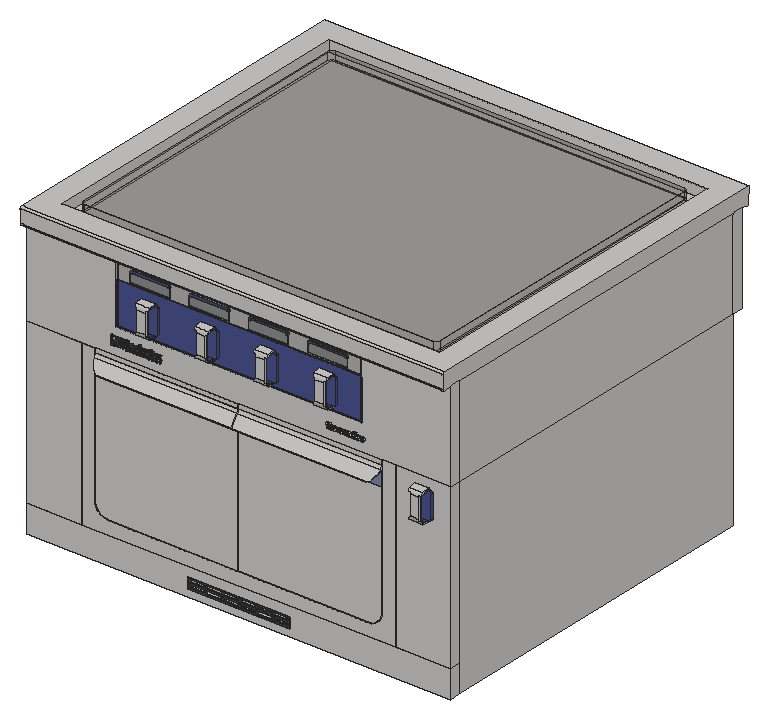
Revit family "QF_ELECTROLUXPROFESSIONAL_589671_MCIQEAJ4AO", category Attrezzature speciali, Revit 2020
Family settings
  Quota connettore circolare = Usa diametro
  Tipo di parte = Normale
  Basato su piano di lavoro = No
  Sempre verticale = Sì
  Taglio con vuoti quando caricato = No
  Condiviso = No
  Punto di calcolo locali = No
Parameters (values of type "Standard")
  Weight = 132.00 kg
  Watts = 22000 W
  Volts = 400 V
  URL Manufacturer = "https://www.electroluxprofessional.com/"
  URL = "https://www.electroluxprofessional.com/"
  Steam Supply Size = 0"
  Steam Supply Minimum Pressure = 0.00 psi
  Steam Supply Maximum Pressure = 0.00 psi
  Steam Consumption per Hour = 0
  Refrigeration Suction Line Size = 0 mm
  Refrigeration Liquid Line Size = 0 mm
  Refrigerant Compressor Remote = yes
  Prospetto di default = 0 mm
  Phase = 3
  Modello = "MCIQEAJ4AO"
  Produttore = "Electrolux Professional"
  Length Actual = 1000 mm  # constant formula
  Item Number = "589671"
  Hot Water Size = 0"
  Height Actual = 700 mm  # constant formula
  HP = "29.5 HP"
  Gas Size = 0"
  Gas KW = 0
  Gas Input Pressure = 0.0 Btu/h
  Direct Waste Size = 0"
  Descrizione = "INDUCTION,4Z,WARM CAB,1S,1000X900X700H"
  Depth Actual = 900 mm  # constant formula
  Cycle = 50 Hz
  Condensate Return Size = 0"
  Compressed Air Volume = 0 GPM
  Compressed Air Size = 0"
  Compressed Air Pressure = 0.00 psi
  Cold Water Size = 0"
  Accessory = yes
Reference planes
  plane 1 "BACK": y = 0
  plane 2: z = 0
  plane 3 "LEFT": x = -100
  plane 4 "RIGHT": x = 900
  plane 5 "FRONT": y = -900
  plane 6 "TOP": z = 900
  plane 7 "Center (Left/Right)": x = 400
  plane 8: y = -450
  plane 9: z = 200
  plane 10: y = -150
  plane 11 "Panel": y = -855
  plane 12: z = 798
  plane 13: z = 1327
  plane 14: x = -22
  plane 15: x = 822
  plane 16: y = -150
  plane 17: y = -650
  plane 18 "EIx": x = 855
  plane 19 "EIy": y = -685
  plane 20: y = -880
  plane 21: z = 938
  plane 22: x = 835
Forms (mm)
  Extrusion 1, solid, material "QF_Finishes_Stainless Steel"
    sketch origin (-178.969, -4572, 200) x (-1, 0, 0) y (0, -1, 0)
      loop
        line (-78.969, -4527) -> (-78.969, -3717) -> (-1078.969, -3717) -> (-1078.969, -4527) -> (-78.969, -4527)
    from 450 to 663
  Extrusion 2, solid, material "QF_Finishes_Stainless Steel"
    sketch origin (-100, 0, 0) x (0, 1, 0) y (0, 0, 1)
      loop
        line (-855, 200) -> (-855, 265) -> (-880, 265) -> (-880, 200) -> (-855, 200)
    from 0 to 1000
  Extrusion 3, solid, material "QF_Finishes_Stainless Steel"
    sketch origin (-488.969, -4662, 200) x (-1, 0, 0) y (0, -1, 0)
      loop
        circle (-1343.969, -3977) r 6.35
    from 0 to -11.851
  Extrusion 4, solid, material "QF_Finishes_Stainless Steel"
    sketch origin (400, 296.4, 1219.2) x (0, 1, 0) y (0, 0, 1)
      loop
        line (-296.4, -319.2) -> (-1191.4, -319.2)
        arc (-1191.4, -319.2) -> (-1194.935, -320.664) -> (-1196.4, -324.2) r 5
        line (-1196.4, -324.2) -> (-1196.4, -355.2)
        arc (-1196.4, -355.2) -> (-1194.971, -358.264) -> (-1191.705, -359.139) r 4
        line (-1191.705, -359.139) -> (-1176.4, -356.231) -> (-316.4, -356.231) -> (-301.094, -359.139)
        arc (-301.094, -359.139) -> (-297.829, -358.264) -> (-296.4, -355.2) r 4
        line (-296.4, -355.2) -> (-296.4, -319.2)
    from -500 to 500
  Extrusion 5, solid, material "QF_Finishes_Electrolux_Black Smoke Iluminated"
    sketch origin (0, 0, 900) x (-1, 0, 0) y (0, -1, 0)
      loop
        arc (12, 79) -> (19.071, 81.929) -> (22, 89) r 10
        line (22, 89) -> (22, 810)
        arc (22, 810) -> (19.071, 817.071) -> (12, 820) r 10
        line (12, 820) -> (-812, 820)
        arc (-812, 820) -> (-819.071, 817.071) -> (-822, 810) r 10
        line (-822, 810) -> (-822, 89)
        arc (-822, 89) -> (-819.071, 81.929) -> (-812, 79) r 10
        line (-812, 79) -> (12, 79)
    from 0 to -20
  Extrusion 6, solid, material "QF_Finishes_Stainless Steel"
    sketch origin (-178.969, -4572, 200) x (-1, 0, 0) y (0, -1, 0)
      loop
        line (-78.969, -4527) -> (-78.969, -3717) -> (-1078.969, -3717) -> (-1078.969, -4527) -> (-78.969, -4527)
    from 450 to 0
  Extrusion 7, void
    sketch origin (0, -855, 0) x (-1, 0, 0) y (0, 0, 1)
      loop
        line (-520, 216.594) -> (-280, 216.594) -> (-280, 241.594) -> (-520, 241.594) -> (-520, 216.594)
    from 0 to -25
  Extrusion 8, solid, material "QF_Finishes_Black"
    sketch origin (0, -855, 0) x (-1, 0, 0) y (0, 0, 1)
      loop
        line (-280, 241.594) -> (-520, 241.594) -> (-520, 216.594) -> (-280, 216.594) -> (-280, 241.594)
      loop
        line (-282, 239.594) -> (-319.131, 239.594) -> (-319.131, 230.094) -> (-282, 230.094) -> (-282, 239.594)
      loop
        line (-282, 218.594) -> (-282, 228.094) -> (-319.131, 228.094) -> (-319.131, 218.594) -> (-282, 218.594)
      loop
        line (-321.131, 239.594) -> (-359.066, 239.594) -> (-359.066, 230.094) -> (-321.131, 230.094) -> (-321.131, 239.594)
      loop
        line (-399, 239.594) -> (-399, 230.094) -> (-361.066, 230.094) -> (-361.066, 239.594) -> (-399, 239.594)
      loop
        line (-401, 239.594) -> (-438.934, 239.594) -> (-438.934, 230.094) -> (-401, 230.094) -> (-401, 239.594)
      loop
        line (-359.066, 218.594) -> (-321.131, 218.594) -> (-321.131, 228.094) -> (-359.066, 228.094) -> (-359.066, 218.594)
      loop
        line (-361.066, 218.594) -> (-361.066, 228.094) -> (-399, 228.094) -> (-399, 218.594) -> (-361.066, 218.594)
      loop
        line (-401, 228.094) -> (-438.934, 228.094) -> (-438.934, 218.594) -> (-401, 218.594) -> (-401, 228.094)
      loop
        line (-518, 239.594) -> (-518, 230.094) -> (-480.869, 230.094) -> (-480.869, 239.594) -> (-518, 239.594)
      loop
        line (-518, 218.594) -> (-480.869, 218.594) -> (-480.869, 228.094) -> (-518, 228.094) -> (-518, 218.594)
      loop
        line (-478.869, 239.594) -> (-478.869, 230.094) -> (-440.934, 230.094) -> (-440.934, 239.594) -> (-478.869, 239.594)
      loop
        line (-440.934, 218.594) -> (-440.934, 228.094) -> (-478.869, 228.094) -> (-478.869, 218.594) -> (-440.934, 218.594)
    from -20 to -25
  Extrusion 9, void
    sketch origin (0, 0, 900) x (-1, 0, 0) y (0, -1, 0)
      loop
        line (47, 845) -> (-847, 845) -> (-847, 54) -> (47, 54) -> (47, 845)
    from 0 to -25
  Extrusion 10, solid, material "QF_Finishes_Stainless Steel"
    sketch origin (0, 0, 900) x (-1, 0, 0) y (0, -1, 0)
      loop
        line (18, 83) -> (18, 816) -> (-818, 816) -> (-818, 83) -> (18, 83)
    from -20 to -25
  Extrusion 11, solid, material "QF_Finishes_Stainless Steel"
    sketch origin (0, -900, 0) x (1, 0, 0) y (0, 0, 1)
      loop
        line (-100, 650) -> (-100, 265) -> (30, 265) -> (30, 650) -> (-100, 650)
      loop
        line (900, 650) -> (770, 650) -> (770, 265) -> (900, 265) -> (900, 650)
    from -45 to -20
  Extrusion 12, solid, material "QF_Finishes_Stainless Steel"
    sketch origin (0, -900, 0) x (1, 0, 0) y (0, 0, 1)
      loop
        line (30, 265) -> (770, 265) -> (770, 650) -> (740, 650) -> (740, 327)
        arc (740, 327) -> (730.627, 304.373) -> (708, 295) r 32
        line (708, 295) -> (92, 295)
        arc (92, 295) -> (69.373, 304.373) -> (60, 327) r 32
        line (60, 327) -> (60, 650) -> (30, 650) -> (30, 265)
    from -45 to -20
  Extrusion 13, solid, material "QF_Finishes_Stainless Steel"
    sketch origin (400, 296.4, 1219.2) x (0, 1, 0) y (0, 0, 1)
      loop
        line (-341.4, -356.2) -> (-341.4, -569.2) -> (-316.4, -569.2) -> (-316.4, -356.2) -> (-341.4, -356.2)
    from -500 to 500
Cuts and joins
  Extrusion 7 cuts Extrusion 6
  Extrusion 7 cuts Extrusion 2
  Extrusion 9 cuts Extrusion 4
Lines and regions (mm)
  symbolic lines
    curve 1: line (-100, 0, 200) -> (900, 0, 200)
    curve 2: line (-100, -900, 200) -> (-100, 0, 200)
    curve 3: line (900, -900, 200) -> (-100, -900, 200)
    curve 4: line (900, 0, 200) -> (900, -900, 200)
    curve 5: line (812, -79, 200) -> (-12, -79, 200)
    curve 6: line (-22, -89, 200) -> (-22, -810, 200)
    curve 7: line (-12, -820, 200) -> (812, -820, 200)
    curve 8: line (822, -810, 200) -> (822, -89, 200)
    curve 9: arc (-12, -79, 200) -> (-19.071, -81.929, 200) -> (-22, -89, 200) r 10
    curve 10: arc (822, -89, 200) -> (819.071, -81.929, 200) -> (812, -79, 200) r 10
    curve 11: arc (812, -820, 200) -> (819.071, -817.071, 200) -> (822, -810, 200) r 10
    curve 12: arc (-22, -810, 200) -> (-19.071, -817.071, 200) -> (-12, -820, 200) r 10
    curve 13: line (847, -54, 900) -> (-47, -54, 900)
    curve 14: line (-47, -54, 900) -> (-47, -845, 900)
    curve 15: line (847, -845, 900) -> (847, -54, 900)
    curve 16: line (-47, -845, 900) -> (847, -845, 900)
  model lines
    curve 17: line (64.474, -422.012, 900) -> (46.796, -404.335, 900)
    curve 18: line (46.796, -404.335, 900) -> (46.796, -169.335, 900)
    curve 19: line (46.796, -169.335, 900) -> (64.474, -151.657, 900)
    curve 20: line (183.85, -245.603, 900) -> (183.85, -325.603, 900)
    curve 21: line (143.85, -285.603, 900) -> (223.85, -285.603, 900)
    curve 22: line (303.226, -422.012, 900) -> (320.903, -404.335, 900)
    curve 23: line (320.903, -404.335, 900) -> (320.903, -169.335, 900)
    curve 24: line (320.903, -169.335, 900) -> (303.226, -151.657, 900)
    curve 25: line (494.474, -422.012, 900) -> (476.796, -404.335, 900)
    curve 26: line (476.796, -404.335, 900) -> (476.796, -169.335, 900)
    curve 27: line (476.796, -169.335, 900) -> (494.474, -151.657, 900)
    curve 28: line (613.85, -245.603, 900) -> (613.85, -325.603, 900)
    curve 29: line (573.85, -285.603, 900) -> (653.85, -285.603, 900)
    curve 30: line (733.226, -422.012, 900) -> (750.903, -404.335, 900)
    curve 31: line (750.903, -404.335, 900) -> (750.903, -169.335, 900)
    curve 32: line (750.903, -169.335, 900) -> (733.226, -151.657, 900)
    curve 33: line (64.474, -477.988, 900) -> (46.796, -495.665, 900)
    curve 34: line (46.796, -495.665, 900) -> (46.796, -730.665, 900)
    curve 35: line (46.796, -730.665, 900) -> (64.474, -748.343, 900)
    curve 36: line (183.85, -654.397, 900) -> (183.85, -574.397, 900)
    curve 37: line (143.85, -614.397, 900) -> (223.85, -614.397, 900)
    curve 38: line (303.226, -477.988, 900) -> (320.903, -495.665, 900)
    curve 39: line (320.903, -495.665, 900) -> (320.903, -730.665, 900)
    curve 40: line (320.903, -730.665, 900) -> (303.226, -748.343, 900)
    curve 41: line (494.474, -477.988, 900) -> (476.796, -495.665, 900)
    curve 42: line (476.796, -495.665, 900) -> (476.796, -730.665, 900)
    curve 43: line (476.796, -730.665, 900) -> (494.474, -748.343, 900)
    curve 44: line (613.85, -654.397, 900) -> (613.85, -574.397, 900)
    curve 45: line (573.85, -614.397, 900) -> (653.85, -614.397, 900)
    curve 46: line (733.226, -477.988, 900) -> (750.903, -495.665, 900)
    curve 47: line (750.903, -495.665, 900) -> (750.903, -730.665, 900)
    curve 48: line (750.903, -730.665, 900) -> (733.226, -748.343, 900)
    curve 49: line (-7.896, -110.891, 900) -> (13.317, -89.677, 900)
    curve 50: line (13.317, -89.677, 900) -> (786.683, -89.677, 900)
    curve 51: line (807.896, -110.891, 900) -> (786.683, -89.677, 900)
    curve 52: line (-7.896, -789.109, 900) -> (13.317, -810.323, 900)
    curve 53: line (13.317, -810.323, 900) -> (786.683, -810.323, 900)
    curve 54: line (807.896, -789.109, 900) -> (786.683, -810.323, 900)
Dimensions and locks
  plane 3 "LEFT" to plane 4 "RIGHT" = 1000 mm
  plane 5 "FRONT" to plane 1 "BACK" = 900 mm
  plane 3 "LEFT" to plane 7 "Center (Left/Right)" to plane 4 "RIGHT" = 500 mm, 500 mm
  equal spacing: plane 5 "FRONT", plane 8, plane 1 "BACK"
  plane 6 "TOP" to level = 900 mm  (x2)
  plane 9 to level = 200 mm
  plane 1 "BACK" to plane 10 to plane 11 "Panel" = 150 mm, 705 mm  (x2)
  plane 6 "TOP" to plane 9 to level = 700 mm, 200 mm
  plane 1 "BACK" to plane 5 "FRONT" = 900 mm
  plane 1 "BACK" to Extrusion 3 = 685 mm
  plane 12 to plane 9 = 598 mm
  plane 13 to plane 6 "TOP" = 427 mm
  plane 6 "TOP" to plane 12 = 102 mm
  plane 14 to plane 3 "LEFT" = 78 mm
  plane 15 to plane 4 "RIGHT" = 78 mm
  locked: plane 1 "BACK" to plane 16 at 150
  locked: plane 16 to plane 17 at 500
  plane 11 "Panel" to plane 5 "FRONT" = 45 mm
  plane 18 "EIx" to plane 4 "RIGHT" = 45 mm
  plane 19 "EIy" to plane 1 "BACK" = 685 mm
  locked: plane 11 "Panel" to plane 20 at 25
  plane 21 to plane 6 "TOP" = 38 mm
  plane 22 to plane 4 "RIGHT" = 65 mm
  aligned and locked: level to plane 2
  aligned and locked: Extrusion 2 to plane 4 "RIGHT"
  aligned and locked: cut or joined group of Extrusion 4, Extrusion 9 to plane 3 "LEFT"
  aligned and locked: cut or joined group of Extrusion 4, Extrusion 9 to plane 4 "RIGHT"
  aligned and locked: cut or joined group of Extrusion 6, Extrusion 7 to plane 4 "RIGHT"
  aligned and locked: cut or joined group of Extrusion 6, Extrusion 7 to plane 3 "LEFT"
  aligned and locked: nested 2 to plane 11 "Panel"
  aligned and locked: Extrusion 1 to plane 11 "Panel"
  aligned and locked: plane 11 "Panel" to cut or joined group of Extrusion 2, Extrusion 7
  aligned and locked: nested 1 to plane 20
  aligned and locked: Extrusion 1 to plane 3 "LEFT"
  aligned and locked: Extrusion 1 to plane 4 "RIGHT"
  aligned and locked: plane 7 "Center (Left/Right)" to nested 3
  aligned and locked: cut or joined group of Extrusion 6, Extrusion 7 to nested 3
  aligned and locked: plane 11 "Panel" to Extrusion 11
  aligned and locked: plane 20 to Extrusion 11
  aligned and locked: Extrusion 12 to plane 20
  aligned and locked: plane 11 "Panel" to Extrusion 12
  aligned and locked: plane 22 to nested 1
  aligned and locked: Extrusion 13 to plane 3 "LEFT"
  aligned and locked: Extrusion 13 to plane 4 "RIGHT"
  aligned and locked: Extrusion 13 to cut or joined group of Extrusion 6, Extrusion 7
Automatic sketch dimensions
  Extrusion 1 sketch curve to plane 4 "RIGHT" = 0 mm
  Extrusion 1 sketch curve to plane 3 "LEFT" = 0 mm
  Extrusion 1 sketch curve to plane 11 "Panel" = 0 mm
  plane 1 "BACK" to Extrusion 1 sketch curve = 45 mm
  Extrusion 2 sketch curve to plane 9 = 0 mm
  Extrusion 2 sketch curve to plane 20 = 0 mm
  Extrusion 2 sketch curve to plane 11 "Panel" = 0 mm
  plane 9 to Extrusion 2 sketch curve = 65 mm
  plane 1 "BACK" to curve 1 = 0 mm
  curve 1 to plane 4 "RIGHT" = 0 mm
  curve 8 to plane 15 = 0 mm
  curve 6 to plane 14 = 0 mm
  curve 2 to plane 3 "LEFT" = 0 mm
  plane 5 "FRONT" to curve 3 = 0 mm
  plane 15 to curve 5 = 10 mm
  plane 15 to curve 11 = 10 mm
  curve 5 to plane 14 = 10 mm
  curve 12 to curve 12 = 10 mm
  plane 10 to curve 5 = 71 mm
  plane 11 "Panel" to curve 11 = 45 mm
  Extrusion 3 sketch curve to plane 18 "EIx" = 0 mm
  Extrusion 3 sketch curve to plane 19 "EIy" = 0 mm
  Extrusion 4 sketch curve to plane 5 "FRONT" = 0 mm
  Extrusion 4 sketch curve to plane 6 "TOP" = 0 mm
  Extrusion 4 sketch curve to plane 20 = 0 mm
  Extrusion 4 sketch curve to plane 1 "BACK" = 0 mm
  Extrusion 4 sketch curve to Extrusion 4 sketch curve = 4 mm
  Extrusion 4 sketch curve to Extrusion 4 sketch curve = 0.695 mm
  Extrusion 4 sketch curve to plane 5 "FRONT" = 5 mm
  plane 1 "BACK" to Extrusion 4 sketch curve = 20 mm
  plane 1 "BACK" to Extrusion 4 sketch curve = 4.695 mm
  plane 1 "BACK" to Extrusion 4 sketch curve = 4 mm
  Extrusion 4 sketch curve to Extrusion 4 sketch curve = 31 mm
  Extrusion 4 sketch curve to Extrusion 4 sketch curve = 36 mm
  Extrusion 4 sketch curve to Extrusion 4 sketch curve = 2.909 mm
  Extrusion 5 sketch curve to plane 15 = 0 mm
  Extrusion 5 sketch curve to plane 14 = 0 mm
  plane 15 to Extrusion 5 sketch curve = 10 mm  (x2)
  Extrusion 5 sketch curve to Extrusion 5 sketch curve = 10 mm  (x2)
  plane 10 to Extrusion 5 sketch curve = 71 mm
  plane 11 "Panel" to Extrusion 5 sketch curve = 45 mm
  Extrusion 6 sketch curve to plane 4 "RIGHT" = 0 mm
  Extrusion 6 sketch curve to plane 3 "LEFT" = 0 mm
  Extrusion 6 sketch curve to plane 11 "Panel" = 0 mm
  plane 1 "BACK" to Extrusion 6 sketch curve = 45 mm
  plane 9 to Extrusion 7 sketch curve = 41.594 mm
  plane 7 "Center (Left/Right)" to Extrusion 7 sketch curve = 120 mm
  Extrusion 7 sketch curve to plane 7 "Center (Left/Right)" = 120 mm
  plane 9 to Extrusion 7 sketch curve = 16.594 mm
  plane 9 to Extrusion 8 sketch curve = 41.594 mm
  plane 7 "Center (Left/Right)" to Extrusion 8 sketch curve = 120 mm
  Extrusion 8 sketch curve to Extrusion 8 sketch curve = 2 mm  (x15)
  Extrusion 8 sketch curve to Extrusion 8 sketch curve = 0 mm  (x16)
  Extrusion 8 sketch curve to Extrusion 8 sketch curve = 37.131 mm  (x2)
  Extrusion 8 sketch curve to Extrusion 8 sketch curve = 37.934 mm  (x3)
  plane 7 "Center (Left/Right)" to Extrusion 8 sketch curve = 1 mm  (x2)
  Extrusion 8 sketch curve to plane 7 "Center (Left/Right)" = 1 mm  (x2)
  plane 9 to Extrusion 8 sketch curve = 18.594 mm  (x4)
  Extrusion 8 sketch curve to Extrusion 8 sketch curve = 9.5 mm  (x6)
  plane 18 "EIx" to Extrusion 9 sketch curve = 8 mm
  plane 14 to Extrusion 9 sketch curve = 25 mm
  plane 1 "BACK" to Extrusion 9 sketch curve = 54 mm
  plane 11 "Panel" to Extrusion 9 sketch curve = 10 mm
  plane 15 to Extrusion 10 sketch curve = 4 mm
  Extrusion 10 sketch curve to plane 14 = 4 mm
  plane 10 to Extrusion 10 sketch curve = 67 mm
  plane 11 "Panel" to Extrusion 10 sketch curve = 39 mm
  plane 18 "EIx" to curve 13 = 8 mm
  plane 15 to curve 53 = 35.317 mm
  plane 15 to curve 51 = 35.317 mm
  plane 15 to curve 46 = 71.097 mm
  curve 32 to plane 10 = 19.335 mm
  plane 15 to curve 32 = 71.097 mm
  curve 27 to plane 10 = 19.335 mm
  plane 7 "Center (Left/Right)" to curve 27 = 76.796 mm
  plane 7 "Center (Left/Right)" to curve 43 = 76.796 mm
  curve 24 to plane 10 = 19.335 mm
  curve 24 to plane 7 "Center (Left/Right)" = 79.097 mm
  curve 40 to plane 7 "Center (Left/Right)" = 79.097 mm
  curve 35 to plane 14 = 68.796 mm
  curve 19 to plane 10 = 19.335 mm
  curve 19 to plane 14 = 68.796 mm
  curve 50 to plane 14 = 35.317 mm
  curve 53 to plane 14 = 35.317 mm
  plane 14 to curve 14 = 25 mm
  plane 10 to curve 50 = 60.323 mm
  plane 1 "BACK" to curve 15 = 54 mm
  plane 8 to curve 26 = 45.665 mm
  plane 8 to curve 17 = 45.665 mm
  plane 8 to curve 30 = 45.665 mm
  plane 8 to curve 22 = 45.665 mm
  curve 34 to plane 8 = 45.665 mm
  curve 42 to plane 8 = 45.665 mm
  curve 38 to plane 8 = 45.665 mm
  curve 46 to plane 8 = 45.665 mm
  curve 42 to plane 19 "EIy" = 45.665 mm
  curve 40 to plane 19 "EIy" = 45.665 mm
  curve 34 to plane 19 "EIy" = 45.665 mm
  curve 47 to plane 19 "EIy" = 45.665 mm
  plane 11 "Panel" to curve 54 = 44.677 mm
  plane 11 "Panel" to curve 15 = 10 mm
  plane 15 to curve 54 = 14.104 mm
  plane 15 to curve 51 = 14.104 mm
  curve 46 to plane 8 = 27.988 mm
  curve 46 to curve 46 = 17.678 mm
  curve 47 to curve 48 = 17.678 mm  (x2)
  curve 32 to plane 10 = 1.657 mm
  curve 31 to curve 32 = 17.678 mm
  plane 8 to curve 30 = 27.988 mm
  curve 30 to curve 30 = 17.678 mm
  curve 45 to plane 17 = 35.603 mm
  curve 47 to curve 45 = 97.053 mm
  curve 31 to curve 29 = 97.053 mm
  plane 17 to curve 44 = 4.397 mm
  curve 45 to curve 44 = 40 mm
  curve 29 to curve 28 = 40 mm  (x2)
  curve 28 to curve 29 = 40 mm  (x2)
  curve 44 to curve 45 = 40 mm  (x2)
  curve 43 to curve 42 = 17.678 mm
  plane 8 to curve 25 = 27.988 mm
  curve 25 to curve 25 = 17.678 mm
  curve 41 to plane 8 = 27.988 mm
  curve 41 to curve 41 = 17.678 mm
  curve 27 to plane 10 = 1.657 mm
  curve 27 to curve 26 = 17.678 mm
  curve 38 to plane 8 = 27.988 mm
  curve 38 to curve 38 = 17.678 mm
  plane 8 to curve 22 = 27.988 mm
  curve 22 to curve 22 = 17.678 mm
  curve 24 to plane 10 = 1.657 mm
  curve 23 to curve 24 = 17.678 mm
  curve 39 to curve 40 = 17.678 mm  (x2)
  curve 37 to plane 17 = 35.603 mm
  curve 39 to curve 37 = 97.053 mm
  curve 23 to curve 21 = 97.053 mm
  curve 21 to curve 20 = 40 mm  (x2)
  plane 17 to curve 36 = 4.397 mm
  curve 37 to curve 36 = 40 mm
  curve 36 to curve 37 = 40 mm  (x2)
  curve 20 to curve 21 = 40 mm  (x2)
  plane 8 to curve 17 = 27.988 mm
  curve 17 to curve 17 = 17.678 mm
  curve 19 to plane 10 = 1.657 mm
  curve 19 to curve 18 = 17.678 mm
  curve 33 to plane 8 = 27.988 mm
  curve 33 to curve 33 = 17.678 mm
  curve 35 to curve 34 = 17.678 mm
  curve 49 to plane 14 = 14.104 mm
  curve 52 to plane 14 = 14.104 mm
  curve 49 to curve 49 = 21.213 mm
  curve 50 to curve 51 = 21.213 mm
  curve 28 to plane 10 = 95.603 mm
  curve 20 to plane 10 = 95.603 mm
  curve 42 to curve 43 = 17.678 mm
  curve 34 to curve 35 = 17.678 mm
  curve 54 to curve 53 = 21.213 mm
  curve 52 to curve 52 = 21.213 mm
  Extrusion 11 sketch curve to plane 3 "LEFT" = 0 mm
  plane 4 "RIGHT" to Extrusion 11 sketch curve = 0 mm
  Extrusion 11 sketch curve to plane 14 = 52 mm
  plane 15 to Extrusion 11 sketch curve = 52 mm
  plane 9 to Extrusion 11 sketch curve = 65 mm  (x2)
  Extrusion 11 sketch curve to plane 12 = 148 mm  (x2)
  Extrusion 12 sketch curve to plane 14 = 52 mm
  Extrusion 12 sketch curve to Extrusion 12 sketch curve = 30 mm  (x2)
  Extrusion 12 sketch curve to Extrusion 12 sketch curve = 32 mm  (x2)
  plane 15 to Extrusion 12 sketch curve = 114 mm
  plane 15 to Extrusion 12 sketch curve = 52 mm
  plane 9 to Extrusion 12 sketch curve = 65 mm
  Extrusion 12 sketch curve to plane 12 = 148 mm  (x2)
  plane 1 "BACK" to Extrusion 13 sketch curve = 45 mm
  plane 1 "BACK" to Extrusion 13 sketch curve = 20 mm
  Extrusion 13 sketch curve to plane 12 = 148 mm
  Extrusion 13 sketch curve to plane 6 "TOP" = 37 mm
  radius of Extrusion 3 sketch curve = 6.35 mm
Nested families
  nested 1: "FIT Range Control Handle" at (835, -883.137, -372.751), type "FIT Range Control Handle"
  nested 2: "Front_Panel_W1000_4 Knobs" at (102.376, -855, 0), type "Front_Panel_W1000_4 Knobs"
  nested 3: "H450H2W1000_2DOOR" at (363.958, -855, 200) x (1, 0, 0) z (0, -1, 0), type "H450H2W1000_2DOOR"
    with Width 680 mm, Wdoor 340 mm, Show Clearance yes
Connectors
  electrical at (855, -685, 188.149)
    settings: on Extrusion 3, index 1, voltage 400 V, apparent load 33000 VA, apparent load phase1 0 VA, apparent load phase2 0 VA, apparent load phase3 0 VA, power factor 1, load classification "Other", number of poles 1, system type 30, power factor state 1, is connector primary yes, connector utility no, sub classification motor no, connector description "ELECTRICAL CONNECTION"
Definition of nested family "FIT Range Control Handle"
  Parameters
    Default Elevation = 0 mm
  Reference planes
    plane 1 "Center (Front/Back)": y = 0
    plane 2: z = 0
    plane 3 "Center (Left/Right)": x = 0
    plane 4: z = 971.092
    plane 5: y = -16.8
  Forms (mm)
    Extrusion 1, solid
      sketch origin (-746.28, 380.497, 208.931) x (-1, 0, 0) y (0, 0, 1)
        loop
          line (-770.101, 786.798) -> (-770.101, 731.649)
          arc (-770.101, 731.649) -> (-769.759, 730.563) -> (-768.855, 729.87) r 1.893
          line (-768.855, 729.87) -> (-763.474, 727.911) -> (-729.81, 727.911) -> (-724.428, 729.87)
          arc (-724.428, 729.87) -> (-723.525, 730.563) -> (-723.183, 731.649) r 1.893
          line (-723.183, 731.649) -> (-723.183, 786.798)
          arc (-723.183, 786.798) -> (-723.529, 787.894) -> (-724.44, 788.593) r 1.91
          line (-724.44, 788.593) -> (-729.683, 790.819) -> (-763.601, 790.819) -> (-768.844, 788.593)
          arc (-768.844, 788.593) -> (-769.755, 787.894) -> (-770.101, 786.798) r 1.91
      from -382.35 to -378.852
    Sweep 2, solid
      path origin (-746.788, 380.496, 208.091) x (0, -1, 0) y (0, 0, 1)
        loop
          line (379.775, 793.281) -> (395.661, 791.048)
          arc (395.661, 791.048) -> (397.781, 787.377) -> (398.517, 783.202) r 12.207
          line (398.517, 783.202) -> (398.517, 737.368)
          arc (398.517, 737.368) -> (397.781, 733.193) -> (395.661, 729.522) r 12.207
          line (395.661, 729.522) -> (379.775, 727.289)
      profile origin (-746.788, -7.222, 1000.256) x (0, -0.139173, 0.990268) y (-1, 0, 0)
        loop
          line (0.782, -763.123) -> (0.782, -730.907) -> (-1.322, -730.907) -> (-1.322, -763.123) -> (0.782, -763.123)
    Sweep 3, solid
      path origin (-746.788, 380.715, 207.832) x (0, -1, 0) y (0, 0, 1)
        loop
          line (380.478, 795.442) -> (397.218, 793.09)
          arc (397.218, 793.09) -> (399.929, 788.473) -> (400.871, 783.202) r 15.207
          line (400.871, 783.202) -> (400.871, 737.584)
          arc (400.871, 737.584) -> (399.914, 732.274) -> (397.164, 727.633) r 15.207
          line (397.164, 727.633) -> (380.601, 725.305)
      profile origin (-746.788, -8.132, 1002.099) x (0, -0.139173, 0.990268) y (-1, 0, 0)
        loop
          line (0.782, -763.123) -> (0.782, -730.907) -> (-1.322, -730.907) -> (-1.322, -763.123) -> (0.782, -763.123)
    Extrusion 4, void
      sketch origin (889.253, 220.666, 207.993) x (1, 0, 0) y (0, 0, 1)
        loop
          line (-943.038, 816.854) -> (-943.038, 703.686) -> (-899.466, 734.196) -> (-899.466, 786.344) -> (-943.038, 816.854)
      from 230.636 to 242.25
    Extrusion 5, void
      sketch origin (-888.8, 220.666, 207.993) x (-1, 0, 0) y (0, 0, -1)
        loop
          line (-943.038, -816.854) -> (-899.466, -786.344) -> (-899.466, -734.196) -> (-943.038, -703.686) -> (-943.038, -816.854)
      from 230.636 to 242.25
    Extrusion 6, solid
      sketch origin (0, 0, 0) x (1, 0, 0) y (0, 0, 1)
        loop
          circle (0, 971.092) r 7.736
      from -3.137 to -1.645
  Cuts and joins
    Extrusion 4, Extrusion 5 cuts Sweep 3
    Extrusion 4, Extrusion 5 cuts Sweep 2
    joined: Extrusion 1, Extrusion 6
  Lines and regions (mm)
    symbolic lines
      curve 1: line (-15.881, -19.189, 0) -> (-15.881, -16.8, 0)
      curve 2: line (16.334, -19.189, 0) -> (16.334, -16.8, 0)
      curve 3: spline (-15.881, -19.189, 0) -> (-15.417, -19.349, 0) -> (-14.951, -19.501, 0) -> (-14.483, -19.646, 0) -> (-14.014, -19.783, 0) -> (-13.543, -19.912, 0) -> (-13.071, -20.033, 0) -> (-12.597, -20.146, 0) -> (-12.122, -20.251, 0) -> (-11.646, -20.349, 0) -> (-11.169, -20.438, 0) -> (-10.691, -20.52, 0) -> (-10.213, -20.593, 0)
      curve 4: spline (10.666, -20.593, 0) -> (11.144, -20.52, 0) -> (11.622, -20.438, 0) -> (12.099, -20.349, 0) -> (12.575, -20.251, 0) -> (13.05, -20.146, 0) -> (13.524, -20.033, 0) -> (13.996, -19.912, 0) -> (14.467, -19.783, 0) -> (14.936, -19.646, 0) -> (15.404, -19.501, 0) -> (15.87, -19.349, 0) -> (16.334, -19.189, 0)
      curve 5: line (-10.213, -20.938, 0) -> (10.716, -20.938, 0)
  Dimensions and locks
    cut or joined group of Sweep 3, Extrusion 4, Extrusion 5 to cut or joined group of Sweep 3, Extrusion 4, Extrusion 5 = 71.686 mm
Definition of nested family "Front_Panel_W1000_4 Knobs"
  Parameters
    Default Elevation = 0 mm
  Reference planes
    plane 1 "Center (Front/Back)": y = 0
    plane 2: z = 0
    plane 3 "Center (Left/Right)": x = 297.624
    plane 4 "Left": x = -202.376
    plane 5 "Right": x = 797.624
    plane 6: y = -45
    plane 7: x = 87.624
    plane 8: x = 227.624
    plane 9: y = -310
    plane 10: y = -25
    plane 11: x = -2.376
    plane 12: x = 367.624
    plane 13: x = 507.624
    plane 14: x = 594.715
  Forms (mm)
    Extrusion 1, solid
      sketch origin (833.217, 829.203, -1.25) x (0, 1, 0) y (0, 0, 1)
        loop
          line (-854.203, 651.25) -> (-829.203, 651.25) -> (-829.203, 864.25) -> (-854.203, 864.25) -> (-854.203, 651.25)
      from -1035.593 to -35.593
    Extrusion 2, void
      sketch origin (0, 0, 0) x (1, 0, 0) y (0, 0, 1)
        loop
          line (7.624, 853.866) -> (7.624, 711.866) -> (587.624, 711.866) -> (587.624, 853.866) -> (7.624, 853.866)
      from 19.387 to 33.951
  Cuts and joins
    Extrusion 2 cuts Extrusion 1
  Lines and regions (mm)
    symbolic lines
      curve 1: line (131.124, -45, 0) -> (131.124, -310, 0)
      curve 2: line (131.124, -310, 0) -> (464.124, -310, 0)
      curve 3: line (235.966, -310, 0) -> (240.646, -334.075, 0)
      curve 4: line (240.646, -334.075, 0) -> (354.603, -334.075, 0)
      curve 5: line (354.603, -334.075, 0) -> (359.283, -310, 0)
      curve 6: line (464.124, -310, 0) -> (464.124, -45, 0)
      curve 7: line (131.124, -300, 0) -> (464.124, -300, 0)
      curve 8: line (240.874, -309.046, 0) -> (244.767, -329.075, 0)
      curve 9: line (244.767, -329.075, 0) -> (350.481, -329.075, 0)
      curve 10: line (350.481, -329.075, 0) -> (354.375, -309.046, 0)
  Dimensions and locks
    equal spacing: plane 5 "Right", plane 3 "Center (Left/Right)", plane 4 "Left"
    plane 5 "Right" to plane 4 "Left" = 1000 mm
    plane 3 "Center (Left/Right)" to plane 7 = 210 mm
    plane 3 "Center (Left/Right)" to plane 8 = 70 mm
    plane 6 to plane 9 = 265 mm
    plane 13 to plane 3 "Center (Left/Right)" = 210 mm
    plane 12 to plane 3 "Center (Left/Right)" = 70 mm
    aligned and locked: cut or joined group of Extrusion 1, Extrusion 2 to plane 4 "Left"
    aligned and locked: plane 5 "Right" to cut or joined group of Extrusion 1, Extrusion 2
    aligned and locked: plane 3 "Center (Left/Right)" to nested 2
    aligned and locked: cut or joined group of Extrusion 1, Extrusion 2 to nested 2
  Automatic sketch dimensions
    Extrusion 1 sketch curve to plane 1 "Center (Front/Back)" = 0 mm
    level to Extrusion 1 sketch curve = 650 mm
    plane 4 "Left" to Extrusion 2 sketch curve = 210 mm
    Extrusion 2 sketch curve to plane 5 "Right" = 210 mm
    level to Extrusion 2 sketch curve = 711.866 mm
    Extrusion 2 sketch curve to Extrusion 2 sketch curve = 142 mm
    plane 6 to curve 1 = 0 mm
    plane 6 to curve 6 = 0 mm
    plane 9 to curve 1 = 0 mm
    plane 7 to curve 1 = 43.5 mm
    curve 4 to plane 9 = 24.075 mm
    plane 8 to curve 4 = 13.021 mm
    curve 3 to curve 8 = 4.122 mm
    plane 3 "Center (Left/Right)" to curve 4 = 56.979 mm
    curve 4 to curve 2 = 109.521 mm
    plane 8 to curve 3 = 8.342 mm
    curve 3 to curve 8 = 4.908 mm
    curve 9 to curve 4 = 4.122 mm
    curve 10 to plane 9 = 19.075 mm
    curve 9 to curve 5 = 8.801 mm
    plane 9 to curve 10 = 0.954 mm
    curve 10 to curve 5 = 4.908 mm
    curve 3 to curve 8 = 0.954 mm
    curve 1 to curve 7 = 10 mm
    Extrusion 1 sketch curve to plane 6 = 20 mm
    Extrusion 1 sketch curve to Extrusion 1 sketch curve = 213 mm
  Nested families
    nested 1: "Range Control Handle" at (87.624, -28.137, -209.113) x (-1, 0, 0) z (0, 0, 1), type "Range Control Handle"
    nested 2: "Front glass control panel W1000" at (297.624, 280.644, 2.752), type "Front glass control panel W1000"
    nested 3: "Range Control Handle" at (227.624, -28.137, -209.113) x (-1, 0, 0) z (0, 0, 1), type "Range Control Handle"
    nested 4: "Range Control Handle" at (367.624, -28.137, -209.113), type "Range Control Handle"
    nested 5: "Range Control Handle" at (507.624, -28.137, -209.113), type "Range Control Handle"
    nested 6: "ELX_ThermaLine_Small" at (546.122, -25, 679.426) x (1, 0, 0) z (0, -1, 0), type "ELX_ThermaLine_Small"
      with Show Logo yes, Material_Logo none
    nested 7: "ELX_Professional_Logo_Small" at (57.11, -25, 681.659) x (1, 0, 0) z (0, -1, 0), type "ELX_Professional_Logo_Small"
      with Show Logo yes, Material_Logo none
  Definition of nested family "Range Control Handle"
    Parameters
      Default Elevation = 0 mm
    Reference planes
      plane 1 "Center (Front/Back)": y = 0
      plane 2: z = 0
      plane 3 "Center (Left/Right)": x = 0
      plane 4: z = 971.092
      plane 5: y = -16.9
    Forms (mm)
      Extrusion 1, solid
        sketch origin (-746.28, 380.497, 208.931) x (-1, 0, 0) y (0, 0, 1)
          loop
            line (-770.101, 786.798) -> (-770.101, 731.649)
            arc (-770.101, 731.649) -> (-769.759, 730.563) -> (-768.855, 729.87) r 1.893
            line (-768.855, 729.87) -> (-763.474, 727.911) -> (-729.81, 727.911) -> (-724.428, 729.87)
            arc (-724.428, 729.87) -> (-723.525, 730.563) -> (-723.183, 731.649) r 1.893
            line (-723.183, 731.649) -> (-723.183, 786.798)
            arc (-723.183, 786.798) -> (-723.529, 787.894) -> (-724.44, 788.593) r 1.91
            line (-724.44, 788.593) -> (-729.683, 790.819) -> (-763.601, 790.819) -> (-768.844, 788.593)
            arc (-768.844, 788.593) -> (-769.755, 787.894) -> (-770.101, 786.798) r 1.91
        from -382.35 to -378.852
      Sweep 2, solid
        path origin (-746.788, 380.496, 208.091) x (0, -1, 0) y (0, 0, 1)
          loop
            line (379.775, 793.281) -> (395.661, 791.048)
            arc (395.661, 791.048) -> (397.781, 787.377) -> (398.517, 783.202) r 12.207
            line (398.517, 783.202) -> (398.517, 737.368)
            arc (398.517, 737.368) -> (397.781, 733.193) -> (395.661, 729.522) r 12.207
            line (395.661, 729.522) -> (379.775, 727.289)
        profile origin (-746.788, -7.222, 1000.256) x (0, -0.139173, 0.990268) y (-1, 0, 0)
          loop
            line (0.782, -763.123) -> (0.782, -730.907) -> (-1.322, -730.907) -> (-1.322, -763.123) -> (0.782, -763.123)
      Sweep 3, solid
        path origin (-746.788, 380.715, 207.832) x (0, -1, 0) y (0, 0, 1)
          loop
            line (380.478, 795.442) -> (397.218, 793.09)
            arc (397.218, 793.09) -> (399.929, 788.473) -> (400.871, 783.202) r 15.207
            line (400.871, 783.202) -> (400.871, 737.584)
            arc (400.871, 737.584) -> (399.914, 732.274) -> (397.164, 727.633) r 15.207
            line (397.164, 727.633) -> (380.601, 725.305)
        profile origin (-746.788, -8.132, 1002.099) x (0, -0.139173, 0.990268) y (-1, 0, 0)
          loop
            line (0.782, -763.123) -> (0.782, -730.907) -> (-1.322, -730.907) -> (-1.322, -763.123) -> (0.782, -763.123)
      Extrusion 4, void
        sketch origin (889.253, 220.666, 207.993) x (1, 0, 0) y (0, 0, 1)
          loop
            line (-943.038, 816.854) -> (-943.038, 703.686) -> (-899.466, 734.196) -> (-899.466, 786.344) -> (-943.038, 816.854)
        from 230.636 to 242.25
      Extrusion 5, void
        sketch origin (-888.8, 220.666, 207.993) x (-1, 0, 0) y (0, 0, -1)
          loop
            line (-943.038, -816.854) -> (-899.466, -786.344) -> (-899.466, -734.196) -> (-943.038, -703.686) -> (-943.038, -816.854)
        from 230.636 to 242.25
      Extrusion 6, solid
        sketch origin (0, 0, 0) x (1, 0, 0) y (0, 0, 1)
          loop
            circle (0, 971.092) r 7.736
        from -3.137 to -1.645
    Cuts and joins
      Extrusion 4, Extrusion 5 cuts Sweep 3
      Extrusion 4, Extrusion 5 cuts Sweep 2
      joined: Extrusion 1, Extrusion 6
    Lines and regions (mm)
      symbolic lines
        curve 1: line (16.334, -16.9, 0) -> (16.334, -19.227, 0)
        curve 2: spline (16.334, -19.227, 0) -> (15.87, -19.385, 0) -> (15.404, -19.536, 0) -> (14.936, -19.678, 0) -> (14.466, -19.813, 0) -> (13.995, -19.94, 0) -> (13.523, -20.059, 0) -> (13.049, -20.171, 0) -> (12.575, -20.274, 0) -> (12.099, -20.37, 0) -> (11.622, -20.458, 0) -> (11.144, -20.537, 0) -> (10.666, -20.609, 0)
        curve 3: line (10.666, -16.9, 0) -> (10.666, -20.938, 0)
        curve 4: line (-10.213, -20.938, 0) -> (10.666, -20.938, 0)
        curve 5: line (-10.213, -20.938, 0) -> (-10.213, -16.9, 0)
        curve 6: spline (-10.213, -20.609, 0) -> (-10.691, -20.537, 0) -> (-11.169, -20.458, 0) -> (-11.646, -20.37, 0) -> (-12.122, -20.274, 0) -> (-12.597, -20.171, 0) -> (-13.07, -20.059, 0) -> (-13.542, -19.94, 0) -> (-14.013, -19.813, 0) -> (-14.483, -19.678, 0) -> (-14.951, -19.536, 0) -> (-15.417, -19.385, 0) -> (-15.881, -19.227, 0)
        curve 7: line (-15.881, -19.227, 0) -> (-15.881, -16.9, 0)
  Definition of nested family "Front glass control panel W1000"
    Parameters
      Default Elevation = 0 mm
    Reference planes
      plane 1 "Center (Front/Back)": y = 0
      plane 2: z = 0
      plane 3 "Center (Left/Right)": x = 0
    Forms (mm)
      Extrusion 1, solid
        sketch origin (378.286, 0, 0.617) x (1, 0, 0) y (0, 0, 1)
          loop
            line (-668.286, 806.791) -> (-668.286, 708.497) -> (-88.286, 708.497) -> (-88.286, 806.791) -> (-668.286, 806.791)
        from 300.031 to 304.8
      Extrusion 2, solid
        sketch origin (378.286, 0, 0.617) x (1, 0, 0) y (0, 0, 1)
          loop
            line (-668.286, 850.497) -> (-668.286, 806.791) -> (-88.286, 806.791) -> (-88.286, 850.497) -> (-668.286, 850.497)
        from 300.031 to 304.8
      Extrusion 3, void
        sketch origin (378.286, 0, 0.617) x (1, 0, 0) y (0, 0, 1)
          loop
            line (-665.628, 847.565) -> (-665.628, 710.699) -> (-91.196, 710.699) -> (-91.196, 847.565) -> (-665.628, 847.565)
        from 303.697 to 304.8
      Extrusion 4, solid
        sketch origin (-378.333, 1.101, -0.633) x (-1, 0, 0) y (0, 0, -1)
          loop
            line (-261.431, -812.62) -> (-355.186, -812.62) -> (-355.186, -834.177) -> (-350.269, -834.177) -> (-348.469, -835.977) -> (-268.039, -835.977) -> (-266.24, -834.177) -> (-261.431, -834.177) -> (-261.431, -812.62)
        from 304.798 to 306.745
      Extrusion 5, solid
        sketch origin (-378.333, 1.101, -0.633) x (-1, 0, 0) y (0, 0, -1)
          loop
            line (-350.269, -834.177) -> (-355.078, -834.177)
            arc (-355.078, -834.177) -> (-353.942, -838.747) -> (-349.686, -840.763) r 5.5
            line (-349.686, -840.763) -> (-266.98, -840.763)
            arc (-266.98, -840.763) -> (-262.706, -838.752) -> (-261.529, -834.177) r 5.549
            line (-261.529, -834.177) -> (-266.24, -834.177) -> (-268.039, -835.977) -> (-348.469, -835.977) -> (-350.269, -834.177)
        from 304.798 to 306.745
      Extrusion 6, solid
        sketch origin (-518.333, 1.101, -0.633) x (-1, 0, 0) y (0, 0, -1)
          loop
            line (-261.431, -812.62) -> (-355.186, -812.62) -> (-355.186, -834.177) -> (-350.269, -834.177) -> (-348.469, -835.977) -> (-268.039, -835.977) -> (-266.24, -834.177) -> (-261.431, -834.177) -> (-261.431, -812.62)
        from 304.798 to 306.745
      Extrusion 7, solid
        sketch origin (-518.333, 1.101, -0.633) x (-1, 0, 0) y (0, 0, -1)
          loop
            line (-350.269, -834.177) -> (-355.078, -834.177)
            arc (-355.078, -834.177) -> (-353.942, -838.747) -> (-349.686, -840.763) r 5.5
            line (-349.686, -840.763) -> (-266.98, -840.763)
            arc (-266.98, -840.763) -> (-262.706, -838.752) -> (-261.529, -834.177) r 5.549
            line (-261.529, -834.177) -> (-266.24, -834.177) -> (-268.039, -835.977) -> (-348.469, -835.977) -> (-350.269, -834.177)
        from 304.798 to 306.745
      Extrusion 8, solid
        sketch origin (378.333, 1.101, -0.633) x (1, 0, 0) y (0, 0, 1)
          loop
            line (-261.431, 812.62) -> (-261.431, 834.177) -> (-266.24, 834.177) -> (-268.039, 835.977) -> (-348.469, 835.977) -> (-350.269, 834.177) -> (-355.186, 834.177) -> (-355.186, 812.62) -> (-261.431, 812.62)
        from 304.798 to 306.745
      Extrusion 9, solid
        sketch origin (378.333, 1.101, -0.633) x (1, 0, 0) y (0, 0, 1)
          loop
            line (-350.269, 834.177) -> (-348.469, 835.977) -> (-268.039, 835.977) -> (-266.24, 834.177) -> (-261.529, 834.177)
            arc (-261.529, 834.177) -> (-262.706, 838.752) -> (-266.98, 840.763) r 5.549
            line (-266.98, 840.763) -> (-349.686, 840.763)
            arc (-349.686, 840.763) -> (-353.942, 838.747) -> (-355.078, 834.177) r 5.5
            line (-355.078, 834.177) -> (-350.269, 834.177)
        from 304.798 to 306.745
      Extrusion 10, solid
        sketch origin (518.333, 1.101, -0.633) x (1, 0, 0) y (0, 0, 1)
          loop
            line (-261.431, 812.62) -> (-261.431, 834.177) -> (-266.24, 834.177) -> (-268.039, 835.977) -> (-348.469, 835.977) -> (-350.269, 834.177) -> (-355.186, 834.177) -> (-355.186, 812.62) -> (-261.431, 812.62)
        from 304.798 to 306.745
      Extrusion 11, solid
        sketch origin (518.333, 1.101, -0.633) x (1, 0, 0) y (0, 0, 1)
          loop
            line (-350.269, 834.177) -> (-348.469, 835.977) -> (-268.039, 835.977) -> (-266.24, 834.177) -> (-261.529, 834.177)
            arc (-261.529, 834.177) -> (-262.706, 838.752) -> (-266.98, 840.763) r 5.549
            line (-266.98, 840.763) -> (-349.686, 840.763)
            arc (-349.686, 840.763) -> (-353.942, 838.747) -> (-355.078, 834.177) r 5.5
            line (-355.078, 834.177) -> (-350.269, 834.177)
        from 304.798 to 306.745
    Cuts and joins
      Extrusion 3 cuts Extrusion 1
      Extrusion 3 cuts Extrusion 2
    Dimensions and locks
      aligned and locked: Extrusion 1 to Extrusion 2
      aligned and locked: Extrusion 5 sketch curve to Extrusion 4  (x5)
      aligned and locked: Extrusion 5 to Extrusion 4
      aligned and locked: Extrusion 7 sketch curve to Extrusion 6  (x5)
      aligned and locked: Extrusion 7 to Extrusion 6
      aligned and locked: Extrusion 9 sketch curve to Extrusion 8  (x4)
      aligned and locked: Extrusion 8 to Extrusion 9 sketch curve
      aligned and locked: Extrusion 9 to Extrusion 8
      aligned and locked: Extrusion 11 sketch curve to Extrusion 10  (x4)
      aligned and locked: Extrusion 10 to Extrusion 11 sketch curve
      aligned and locked: Extrusion 11 to Extrusion 10
  Definition of nested family "ELX_ThermaLine_Small"
    Parameters
      Show Logo [instance] = yes
      Material_Logo [instance] = none
      Default Elevation = 0 mm
    Reference planes
      plane 1 "Centro (Fronte/Retro)": y = 0
      plane 2: z = 0
      plane 3 "Centro (Sinistra/Destra)": x = 0
    Forms (mm)
      Extrusion 1, solid
        sketch origin (0, 0, 0) x (1, 0, 0) y (0, 1, 0)
          loop
            line (-1219.2, 1219.2) -> (-1219.2, -1219.2) -> (1219.2, -1219.2) -> (1219.2, 1219.2) -> (-1219.2, 1219.2)
        from 0 to -304.8
      Extrusion 2, solid
        sketch origin (0, 0, 0) x (1, 0, 0) y (0, 1, 0)
          loop
            line (-37.494, 1.229) -> (-35.908, 1.229) -> (-35.908, 3.066) -> (-37.494, 3.066) -> (-37.494, 6.221) -> (-39.867, 4.881) -> (-39.867, 3.066) -> (-40.969, 3.066) -> (-40.969, 1.229) -> (-39.867, 1.229) -> (-39.867, -3.407)
            arc (-39.867, -3.407) -> (-38.982, -5.513) -> (-36.751, -6.001) r 2.478
            line (-36.751, -6.001) -> (-35.638, -5.7) -> (-35.9, -3.835) -> (-36.661, -4.039)
            arc (-36.661, -4.039) -> (-37.236, -3.924) -> (-37.494, -3.399) r 0.662
            line (-37.494, -3.399) -> (-37.494, 1.229)
          loop
            line (-34.242, 6.539) -> (-34.242, -5.848) -> (-31.854, -5.848) -> (-31.854, -0.078)
            arc (-31.854, -0.078) -> (-30.939, 1.249) -> (-29.33, 1.367) r 1.866
            arc (-29.33, 1.367) -> (-28.695, 0.768) -> (-28.461, -0.073) r 1.627
            line (-28.461, -0.073) -> (-28.461, -5.848) -> (-26.086, -5.848) -> (-26.064, -0.46)
            arc (-26.064, -0.46) -> (-26.261, 0.932) -> (-26.786, 2.237) r 5.825
            arc (-26.786, 2.237) -> (-29.381, 3.264) -> (-31.854, 1.971) r 3.353
            line (-31.854, 1.971) -> (-31.854, 6.539) -> (-34.242, 6.539)
          loop
            arc (-18.398, -0.598) -> (-18.893, 0.879) -> (-20.326, 1.487) r 1.897
            arc (-20.326, 1.487) -> (-21.461, 0.708) -> (-21.897, -0.598) r 2.164
            line (-21.897, -0.598) -> (-18.398, -0.598)
          loop
            arc (-16.021, -2.044) -> (-16.754, 1.227) -> (-19.444, 3.226) r 4.814
            arc (-19.444, 3.226) -> (-22.137, 2.788) -> (-23.943, 0.743) r 4.054
            arc (-23.943, 0.743) -> (-24.382, -1.249) -> (-24.162, -3.276) r 6.289
            arc (-24.162, -3.276) -> (-23.302, -4.71) -> (-21.958, -5.705) r 4.28
            arc (-21.958, -5.705) -> (-18.558, -5.814) -> (-16.152, -3.409) r 4.28
            line (-16.152, -3.409) -> (-18.5, -2.995)
            arc (-18.5, -2.995) -> (-19.273, -3.994) -> (-20.533, -4.076) r 1.536
            arc (-20.533, -4.076) -> (-21.56, -3.281) -> (-21.958, -2.044) r 2.197
            line (-21.958, -2.044) -> (-16.021, -2.044)
          loop
            line (-14.165, -5.848) -> (-11.819, -5.848) -> (-11.819, -2.138)
            arc (-11.819, -2.138) -> (-11.787, -1.156) -> (-11.637, -0.185) r 8.18
            arc (-11.637, -0.185) -> (-10.644, 0.972) -> (-9.132, 0.776) r 1.603
            line (-9.132, 0.776) -> (-8.419, 2.846)
            arc (-8.419, 2.846) -> (-10.432, 3.118) -> (-11.994, 1.821) r 2.527
            line (-11.994, 1.821) -> (-11.994, 3.094) -> (-14.165, 3.094) -> (-14.165, -5.848)
          loop
            line (-7.579, 3.094) -> (-7.579, -5.848) -> (-5.178, -5.848) -> (-5.178, -0.756)
            arc (-5.178, -0.756) -> (-4.727, 0.679) -> (-3.417, 1.419) r 2.05
            arc (-3.417, 1.419) -> (-2.499, 0.908) -> (-2.155, -0.085) r 1.471
            line (-2.155, -0.085) -> (-2.155, -5.848) -> (0.23, -5.848) -> (0.23, -1.001)
            arc (0.23, -1.001) -> (0.47, 0.127) -> (1.148, 1.061) r 2.775
            arc (1.148, 1.061) -> (2.225, 1.329) -> (3.05, 0.587) r 1.182
            arc (3.05, 0.587) -> (3.199, -0.019) -> (3.214, -0.642) r 2.894
            line (3.214, -0.642) -> (3.214, -5.848) -> (5.601, -5.848) -> (5.601, 0.261)
            arc (5.601, 0.261) -> (4.87, 2.263) -> (2.976, 3.241) r 2.932
            arc (2.976, 3.241) -> (1.284, 2.973) -> (-0.047, 1.896) r 3.309
            arc (-0.047, 1.896) -> (-1.116, 2.865) -> (-2.506, 3.258) r 3.16
            arc (-2.506, 3.258) -> (-4.105, 2.942) -> (-5.376, 1.92) r 3.419
            line (-5.376, 1.92) -> (-5.376, 3.094) -> (-7.579, 3.094)
          loop
            line (7.583, 0.738) -> (9.702, 0.364)
            arc (9.702, 0.364) -> (11.441, 1.492) -> (12.855, -0.023) r 1.613
            line (12.855, -0.023) -> (9.782, -0.789)
            arc (9.782, -0.789) -> (8.559, -1.346) -> (7.617, -2.305) r 3.687
            arc (7.617, -2.305) -> (7.499, -3.681) -> (7.901, -5.003) r 3.651
            arc (7.901, -5.003) -> (9.107, -5.766) -> (10.515, -6.006) r 3.635
            arc (10.515, -6.006) -> (11.898, -5.697) -> (13.067, -4.895) r 3.734
            line (13.067, -4.895) -> (13.376, -5.848) -> (15.75, -5.848) -> (15.212, -4.193) -> (15.212, 0.38)
            arc (15.212, 0.38) -> (14.897, 1.849) -> (13.818, 2.895) r 2.585
            arc (13.818, 2.895) -> (11.792, 3.442) -> (9.719, 3.11) r 5.005
            arc (9.719, 3.11) -> (8.369, 2.178) -> (7.583, 0.738) r 3.54
          loop
            line (19.723, -5.848) -> (22.233, -5.848) -> (24.854, 6.484) -> (22.345, 6.484) -> (19.723, -5.848)
          loop
            line (24.583, -5.848) -> (26.953, -5.848) -> (28.848, 3.066) -> (26.478, 3.066) -> (24.583, -5.848)
          loop
            line (27.204, 6.484) -> (26.741, 4.305) -> (29.111, 4.305) -> (29.575, 6.484) -> (27.204, 6.484)
          loop
            line (29.355, -5.848) -> (31.849, -5.848) -> (33.098, 0.028)
            arc (33.098, 0.028) -> (34.169, 1.306) -> (35.832, 1.422) r 2.132
            arc (35.832, 1.422) -> (36.324, 0.752) -> (36.383, -0.078) r 1.5
            line (36.383, -0.078) -> (35.157, -5.848) -> (37.536, -5.848) -> (38.936, 0.738)
            arc (38.936, 0.738) -> (38.775, 2.091) -> (37.825, 3.066) r 2.118
            arc (37.825, 3.066) -> (35.392, 3.175) -> (33.295, 1.937) r 4.271
            line (33.295, 1.937) -> (33.535, 3.066) -> (31.25, 3.066) -> (29.355, -5.848)
          loop
            line (42.792, -0.64) -> (46.589, -0.64)
            arc (46.589, -0.64) -> (46.639, 0.124) -> (46.327, 0.823) r 1.589
            arc (46.327, 0.823) -> (45.117, 1.521) -> (43.762, 1.183) r 1.865
            arc (43.762, 1.183) -> (43.141, 0.344) -> (42.792, -0.64) r 3.538
          loop
            line (42.565, -2.138) -> (48.593, -2.138)
            arc (48.593, -2.138) -> (48.58, 0.597) -> (46.983, 2.818) r 4.494
            arc (46.983, 2.818) -> (44.191, 3.28) -> (41.725, 1.891) r 4.26
            arc (41.725, 1.891) -> (40.503, -0.3) -> (40.284, -2.799) r 6.003
            arc (40.284, -2.799) -> (40.959, -4.468) -> (42.377, -5.576) r 3.482
            arc (42.377, -5.576) -> (44.265, -5.961) -> (46.152, -5.576) r 4.823
            arc (46.152, -5.576) -> (47.432, -4.731) -> (48.328, -3.485) r 4.245
            line (48.328, -3.485) -> (46.168, -3.105)
            arc (46.168, -3.105) -> (45.214, -4.072) -> (43.859, -4.181) r 1.953
            arc (43.859, -4.181) -> (42.821, -3.408) -> (42.565, -2.138) r 1.81
          loop
            line (12.868, -1.553) -> (10.216, -2.214)
            arc (10.216, -2.214) -> (9.747, -3.136) -> (10.216, -4.058) r 1.14
            arc (10.216, -4.058) -> (11.537, -4.249) -> (12.614, -3.46) r 1.763
            arc (12.614, -3.46) -> (12.858, -2.522) -> (12.868, -1.553) r 3.97
        from 0 to 1.6
    Dimensions and locks
      aligned and locked: plane 2 to Extrusion 1
      aligned and locked: level to Extrusion 1
  Definition of nested family "ELX_Professional_Logo_Small"
    Parameters
      Show Logo [instance] = yes
      Material_Logo [instance] = none
      Default Elevation = 0 mm
    Reference planes
      plane 1 "Centro (Fronte/Retro)": y = 0
      plane 2: z = 0
      plane 3 "Centro (Sinistra/Destra)": x = 0
    Forms (mm)
      Extrusion 1, solid
        sketch origin (0, 0, 0) x (1, 0, 0) y (0, 1, 0)
          loop
            line (-1219.2, 1219.2) -> (-1219.2, -1219.2) -> (1219.2, -1219.2) -> (1219.2, 1219.2) -> (-1219.2, 1219.2)
        from 0 to -304.8
      Extrusion 2, solid, material <- "Material_Logo"
        sketch origin (15.5, 0, 0) x (1, 0, 0) y (0, 1, 0)
          loop
            spline (-42.99, -1.24) -> (-43.195, -1.231) -> (-43.415, -1.203) -> (-43.642, -1.152) -> (-43.87, -1.074) -> (-44.095, -0.966) -> (-44.309, -0.825) -> (-44.506, -0.647) -> (-44.681, -0.429) -> (-44.828, -0.167) -> (-44.94, 0.142) -> (-45.011, 0.501) -> (-45.037, 0.915)
            line (-45.037, 0.915) -> (-45.037, 2.748) -> (-38.984, 2.748) -> (-38.984, 5.086) -> (-45.038, 5.086) -> (-45.038, 8.489) -> (-38.599, 8.489) -> (-38.599, 10.82) -> (-47.515, 10.82) -> (-47.515, 1.021)
            spline (-47.515, 1.021) -> (-47.493, 0.418) -> (-47.425, -0.15) -> (-47.311, -0.682) -> (-47.15, -1.175) -> (-46.939, -1.628) -> (-46.678, -2.038) -> (-46.365, -2.404) -> (-46, -2.723) -> (-45.58, -2.995) -> (-45.105, -3.216) -> (-44.573, -3.385) -> (-43.983, -3.499)
            line (-43.983, -3.499) -> (-43.01, -3.569) -> (-38.426, -3.569) -> (-38.426, -1.24) -> (-42.99, -1.24)
          loop
            line (-36.666, 4.021) -> (-36.666, -3.573) -> (-34.188, -3.573) -> (-34.188, 10.824) -> (-36.666, 10.824) -> (-36.666, 4.021)
          loop
            spline (-21.915, 1.897) -> (-21.957, 2.615) -> (-22.082, 3.303) -> (-22.285, 3.955) -> (-22.563, 4.564) -> (-22.913, 5.124) -> (-23.331, 5.629) -> (-23.814, 6.074) -> (-24.359, 6.451) -> (-24.961, 6.755) -> (-25.618, 6.98) -> (-26.326, 7.119) -> (-27.081, 7.167)
            spline (-27.081, 7.167) -> (-27.853, 7.122) -> (-28.586, 6.99) -> (-29.275, 6.774) -> (-29.915, 6.478) -> (-30.5, 6.104) -> (-31.024, 5.657) -> (-31.483, 5.138) -> (-31.871, 4.553) -> (-32.182, 3.904) -> (-32.411, 3.194) -> (-32.552, 2.427) -> (-32.6, 1.606)
            spline (-32.6, 1.606) -> (-32.553, 0.805) -> (-32.416, 0.057) -> (-32.193, -0.637) -> (-31.887, -1.271) -> (-31.504, -1.843) -> (-31.048, -2.35) -> (-30.523, -2.788) -> (-29.934, -3.154) -> (-29.284, -3.444) -> (-28.579, -3.656) -> (-27.822, -3.785) -> (-27.019, -3.829)
            spline (-27.019, -3.829) -> (-26.627, -3.82) -> (-26.239, -3.79) -> (-25.856, -3.739) -> (-25.477, -3.663) -> (-25.103, -3.562) -> (-24.734, -3.432) -> (-24.369, -3.273) -> (-24.01, -3.082) -> (-23.655, -2.858) -> (-23.305, -2.597) -> (-22.96, -2.299) -> (-22.621, -1.962)
            line (-22.621, -1.962) -> (-24.114, -0.509)
            spline (-24.114, -0.509) -> (-24.311, -0.699) -> (-24.509, -0.872) -> (-24.71, -1.03) -> (-24.915, -1.172) -> (-25.126, -1.297) -> (-25.346, -1.407) -> (-25.576, -1.5) -> (-25.817, -1.576) -> (-26.072, -1.636) -> (-26.342, -1.678) -> (-26.629, -1.704) -> (-26.936, -1.713)
            spline (-26.936, -1.713) -> (-27.384, -1.691) -> (-27.805, -1.625) -> (-28.196, -1.518) -> (-28.556, -1.372) -> (-28.882, -1.187) -> (-29.174, -0.966) -> (-29.429, -0.71) -> (-29.645, -0.422) -> (-29.821, -0.102) -> (-29.955, 0.247) -> (-30.045, 0.623) -> (-30.089, 1.026)
            line (-30.089, 1.026) -> (-21.956, 1.026) -> (-21.915, 1.897)
          loop
            spline (-24.446, 2.769) -> (-24.47, 3.075) -> (-24.54, 3.37) -> (-24.654, 3.65) -> (-24.807, 3.913) -> (-24.996, 4.156) -> (-25.219, 4.376) -> (-25.472, 4.57) -> (-25.753, 4.736) -> (-26.057, 4.869) -> (-26.382, 4.968) -> (-26.724, 5.03) -> (-27.081, 5.051)
            spline (-27.081, 5.051) -> (-27.464, 5.03) -> (-27.832, 4.97) -> (-28.183, 4.872) -> (-28.513, 4.74) -> (-28.819, 4.577) -> (-29.099, 4.384) -> (-29.347, 4.165) -> (-29.563, 3.923) -> (-29.742, 3.659) -> (-29.881, 3.377) -> (-29.977, 3.079) -> (-30.027, 2.769)
            line (-30.027, 2.769) -> (-24.446, 2.769)
          loop
            spline (-18.167, 1.669) -> (-18.138, 2.13) -> (-18.055, 2.567) -> (-17.921, 2.978) -> (-17.739, 3.358) -> (-17.512, 3.705) -> (-17.243, 4.016) -> (-16.937, 4.287) -> (-16.596, 4.517) -> (-16.223, 4.7) -> (-15.823, 4.835) -> (-15.398, 4.919) -> (-14.951, 4.947)
            spline (-14.951, 4.947) -> (-14.677, 4.938) -> (-14.414, 4.913) -> (-14.162, 4.871) -> (-13.921, 4.812) -> (-13.69, 4.738) -> (-13.467, 4.649) -> (-13.254, 4.544) -> (-13.048, 4.424) -> (-12.85, 4.291) -> (-12.659, 4.143) -> (-12.474, 3.981) -> (-12.295, 3.806)
            line (-12.295, 3.806) -> (-10.76, 5.403)
            spline (-10.76, 5.403) -> (-11.065, 5.709) -> (-11.38, 5.984) -> (-11.703, 6.228) -> (-12.035, 6.443) -> (-12.375, 6.63) -> (-12.723, 6.788) -> (-13.078, 6.92) -> (-13.44, 7.026) -> (-13.809, 7.107) -> (-14.184, 7.164) -> (-14.564, 7.198) -> (-14.951, 7.209)
            spline (-14.951, 7.209) -> (-15.725, 7.161) -> (-16.467, 7.02) -> (-17.169, 6.792) -> (-17.826, 6.482) -> (-18.43, 6.096) -> (-18.976, 5.637) -> (-19.455, 5.112) -> (-19.862, 4.525) -> (-20.19, 3.882) -> (-20.433, 3.189) -> (-20.584, 2.449) -> (-20.635, 1.669)
            spline (-20.635, 1.669) -> (-20.584, 0.889) -> (-20.433, 0.149) -> (-20.19, -0.545) -> (-19.862, -1.187) -> (-19.455, -1.774) -> (-18.976, -2.299) -> (-18.43, -2.758) -> (-17.826, -3.145) -> (-17.169, -3.454) -> (-16.467, -3.682) -> (-15.725, -3.823) -> (-14.951, -3.871)
            spline (-14.951, -3.871) -> (-14.564, -3.86) -> (-14.184, -3.826) -> (-13.809, -3.77) -> (-13.44, -3.689) -> (-13.078, -3.583) -> (-12.723, -3.451) -> (-12.375, -3.292) -> (-12.035, -3.105) -> (-11.703, -2.89) -> (-11.38, -2.646) -> (-11.065, -2.371) -> (-10.76, -2.066)
            line (-10.76, -2.066) -> (-12.295, -0.468)
            spline (-12.295, -0.468) -> (-12.474, -0.643) -> (-12.659, -0.805) -> (-12.85, -0.953) -> (-13.048, -1.087) -> (-13.254, -1.206) -> (-13.467, -1.311) -> (-13.69, -1.4) -> (-13.921, -1.475) -> (-14.162, -1.533) -> (-14.414, -1.575) -> (-14.677, -1.6) -> (-14.951, -1.609)
            spline (-14.951, -1.609) -> (-15.398, -1.581) -> (-15.823, -1.497) -> (-16.223, -1.362) -> (-16.596, -1.179) -> (-16.937, -0.95) -> (-17.243, -0.678) -> (-17.512, -0.367) -> (-17.739, -0.02) -> (-17.921, 0.36) -> (-18.055, 0.771) -> (-18.138, 1.208) -> (-18.167, 1.669)
